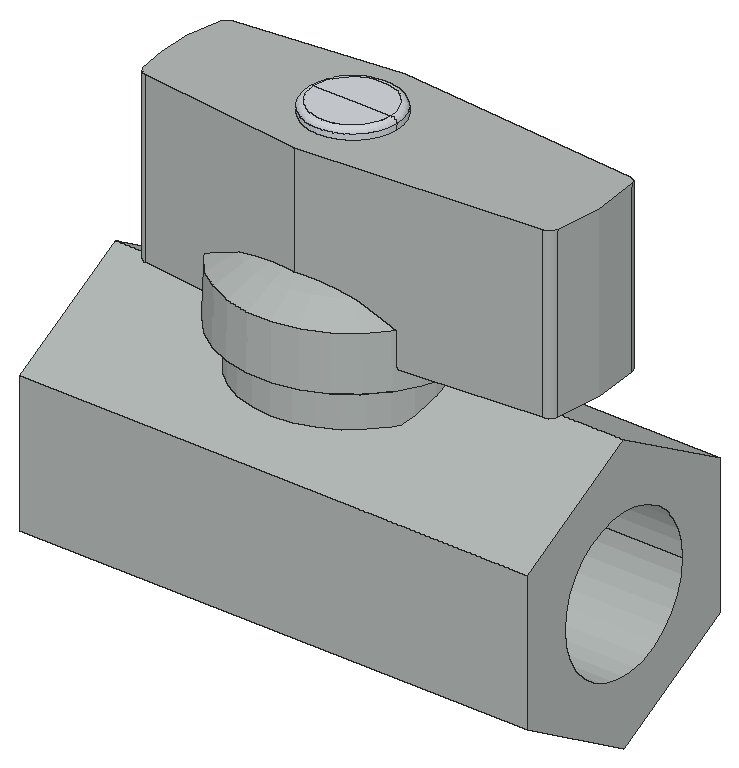
Revit family "QL10090000", category Apparecchi idraulici, Revit 2020
Family settings
  Quota connettore circolare = Usa diametro
  Tipo di parte = Normale
  Numero OmniClass = 23.45.00.00
  Titolo OmniClass = Sanitary, Laundry, and Cleaning Equipment
  Basato su piano di lavoro = No
  Sempre verticale = Sì
  Taglio con vuoti quando caricato = No
  Condiviso = No
  Punto di calcolo locali = No
Parameters
  URL = "https://web.cimberio.com/index.php/figura/958?subcategoria_id=47"
  Temperatura di esercizio = "-20 ÷ 95°C"
  Prospetto di default = 0 mm
  Produttore = "CIMBERIO SPA"
  Pressione nominale = "PN 150"
  Modello = "Cim 011C"
  Materiale = "Prodotto in lega di ottone conforme alla norma EN 12165-CW617N-DW"
  Descrizione = "Utilizzato nei più svariati settori dell'impiantistica: impianti di riscaldamento, condizionamento, idrici, igienico-sanitari, aria compressa e in generale con ogni fluido non corrosivo."
  DN Model [instance] = QL10091015 : QL10091015
  DN [instance] = 15 mm
  Commenti sul tipo = "Realizzato in ottemperanza ai requisiti gestionali della norma EN ISO 9001.\r\nCollaudato al 100% secondo la normativa EN 12266-1"
Reference planes
  plane 1 "Centro (Fronte/Retro)": y = 0
  plane 2: z = 0
  plane 3 "Centro (Sinistra/Destra)": x = 0
Dimensions and locks
  aligned and locked: level to plane 2
Nested families
  nested 1: "QL10091015" at (0, 0, 0), type <- "DN Model", type "QL10091015"
  nested 2: "QL10091015" at (0, 0, 0), type <- "DN Model", type "QL10091015"
  nested 3: "QL10091015" at (0, 0, 0), type <- "DN Model", type "QL10091015"
Connectors
  piping at (25.748, 0, 14), diameter 15, driven by "DN"
    settings: on nested 1, index 1, connector inside diameter 609.6 mm, connector length 0 mm, flow factor 0, pipe flow 0.0 L/s, pressure drop 0.0 Pa, fitting loss kfactor 0, connector angle 0.00°, fixture units 0, engagement length 0 mm, angle of deflection 0.00°, flow configuration 0, flow direction 0, fitting loss method 0, system type 7, joint type 0, gender type 0, connector reference index -1, connector utility 0, adjustable connector no, is connector primary yes, connector description ""
  piping at (-25.752, 0, 14), diameter 15, driven by "DN"
    settings: on nested 1, index 2, connector inside diameter 609.6 mm, connector length 0 mm, flow factor 0, pipe flow 0.0 L/s, pressure drop 0.0 Pa, fitting loss kfactor 0, connector angle 0.00°, fixture units 0, engagement length 0 mm, angle of deflection 0.00°, flow configuration 0, flow direction 0, fitting loss method 0, system type 7, joint type 0, gender type 0, connector reference index -1, connector utility 0, adjustable connector no, is connector primary no, connector description ""
Definition of nested family "QL10091015"
  Parameters (values of type "QL10091015")
    URL = "https://web.cimberio.com/index.php/figura/1418?subcategoria_id="
    Temperatura di esercizio = "-10 ÷ 110°C"
    Default Elevation = 0 mm
    Manufacturer = "CIMBERIO SPA"
    Pressione nominale = "PN 10"
    Model = "Cim 150VIC"
    Materiale = "Prodotto in lega di ottone conforme alla norma EN 12165-CW617N-DW"
    Description = "Utilizzato nei più svariati settori dell'impiantistica: impianti di riscaldamento, condizionamento, idrici, igienico-sanitari e in generale con ogni fluido non corrosivo"
    DN Model [instance] = HG00081015 : HG00081015
    DN [instance] = 15 mm
    Type Comments = "Realizzato in ottemperanza ai requisiti gestionali della norma EN ISO 9001.\r\nCollaudato al 100% secondo la normativa EN 12266-1"
  Reference planes
    plane 1 "Centro (Fronte/Retro)": y = 0
    plane 2: z = 0
    plane 3 "Centro (Sinistra/Destra)": x = 0
  Forms (mm)
    Extrusion 1, solid
      sketch origin (0, 0, 14) x (0, 1, 0) y (0, 0, 1)
        loop
          circle (0, 0) r 7.5
        loop
          line (0, 14) -> (-12.124, 7) -> (-12.124, -7) -> (0, -14) -> (12.124, -7) -> (12.124, 7) -> (0, 14)
      from -25.752 to 25.748
    Revolve 2, solid
      sketch origin (0, 0, 0) x (1, 0, 0) y (0, 0, 1)
        loop
          line (-1.75, 25.062) -> (-1.75, 38.235)
          arc (-1.75, 38.235) -> (-7.968, 37.443) -> (-13.555, 34.603) r 18.326
          line (-13.555, 34.603) -> (-13.65, 29.155) -> (-12.075, 28.245) -> (-12.075, 25.062) -> (-1.75, 25.062)
        axis (-1.75, 25.062) -> (-1.75, 38.235)
      angle from 0 to 360
    Revolve 3, solid
      sketch origin (0, 0, 0) x (1, 0, 0) y (0, 0, 1)
        loop
          line (-6.25, 48.586) -> (-6.25, 47.06) -> (-1.75, 47.06) -> (-1.75, 49.1) -> (-5.644, 49.1)
          arc (-5.644, 49.1) -> (-6.041, 48.954) -> (-6.25, 48.586) r 0.614
        axis (-1.75, 49.1) -> (-1.75, 47.06)
      angle from 0 to 360
    Extrusion 4, solid
      sketch origin (0, 0, 0) x (1, 0, 0) y (0, 1, 0)
        loop
          line (-2.375, 7.424) -> (-18.262, 5.5)
          arc (-18.262, 5.5) -> (-18.795, 5.265) -> (-19.106, 4.772) r 1
          arc (-19.106, 4.772) -> (-19.75, -0.042) -> (-19.084, -4.852) r 18
          arc (-19.084, -4.852) -> (-18.77, -5.343) -> (-18.237, -5.576) r 1
          line (-18.237, -5.576) -> (-1.75, -7.5) -> (21.908, -5.5)
          arc (21.908, -5.5) -> (22.493, -5.247) -> (22.806, -4.691) r 1
          arc (22.806, -4.691) -> (23.25, 0) -> (22.806, 4.691) r 25
          arc (22.806, 4.691) -> (22.493, 5.247) -> (21.908, 5.5) r 1
          line (21.908, 5.5) -> (-2.375, 7.424)
      from 31.1 to 48.1
  Dimensions and locks
    aligned and locked: level to plane 2
